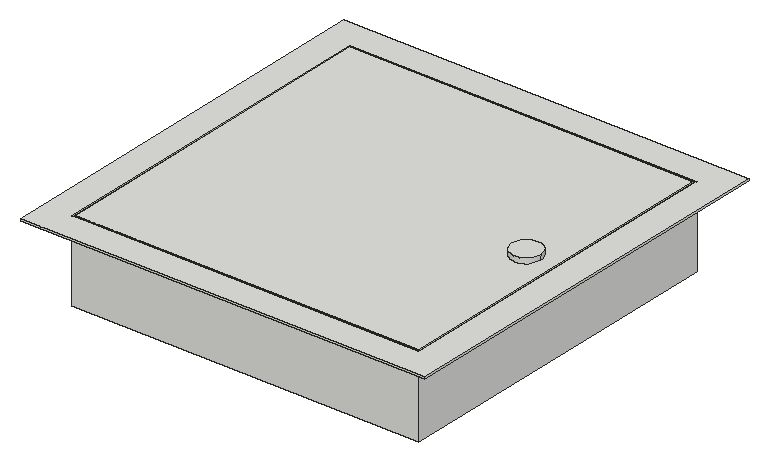
Revit family "Specialty_Door-Acudor-Flush-ACF-2064_Series", category Specialty Equipment, host Face, Revit 2014
Parameters (values of type "ACF-2064 12x12")
  Width = 12"
  URL = "http://acudor.com/"
  Type Comments = ""
  Screwdriver Operated Compression Latch = yes
  Product Page URL = "https://www.acudor.com/products/specialty-access-doors/acf-2064"
  Product Documentation Link = "https://www.acudor.com/images/acudor/accessdoors/specialty/ACF2064/ACF-2064_ps.pdf"
  Model = "ACF-2064 12x12"
  Material = "Steel-Acudor-18 GA-White Baked-On Enamel"  # constant formula
  Manufacturer = "Acudor"  # constant formula
  Length = 2 201/256"  # constant formula
  Installation Type = "Wall Mounted"  # constant formula
  Height = 12"
  Finish = Steel-Acudor-18 GA-White Baked-On Enamel
  Description = "Steel Flush Acoustical Access Door"  # constant formula
  Default Elevation = 48"
  Assembly Code = "C1020700"
  2 Latch = no
  1 Latch = yes
Types (5): name | Width | Model | Height | 2 Latch | 1 Latch
  (no name) | 12" | "ACF-2064 12x12" | 12" | no | yes
  ACF-2064 12x12 | 12" | "ACF-2064 12x12" | 12" | no | yes
  ACF-2064 18x18 | 18" | "ACF-2064 18x18" | 18" | no | yes
  ACF-2064 24x24 | 24" | "ACF-2064 24x24" | 24" | no | yes
  ACF-2064 24x36 | 24" | "ACF-2064 24x36" | 36" | yes | no
Reference planes (in)
  plane 1 "Center (Front/Back)": y = 0
  plane 2: z = 0
  plane 3 "Center (Left/Right)": x = 0
  plane 4: y = 7
  plane 5: y = -7
  plane 6: x = 7
  plane 7: x = -7
  plane 8: y = 6
  plane 9: y = -6
  plane 10: x = 6
  plane 11: x = -6
  plane 12: x = 4.91643
  plane 13: z = -2.72266
  plane 14: z = 0.0625
  plane 15: z = 0.23161
  plane 16: y = 3
  plane 17: y = -3
Forms (in)
  Sweep 1, solid, material "Steel-Acudor-18 GA-White Baked-On Enamel" <- "Finish"
    path origin (0, 0, 0) x (1, 0, 0) y (0, 1, 0)
      loop
        line (-6, 6) -> (-6, -6) -> (6, -6) -> (6, 6) -> (-6, 6)
    profile origin (0, 6, 0) x (0, 1, 0) y (0, 0, 1)
      loop
        line (-1.56104, -2.72266) -> (0, -2.72266) -> (0, 0) -> (1, 0) -> (1, 0.0625) -> (0, 0.0625) -> (0, 0.03108) -> (-0.06104, 0.03108) -> (-0.06104, 0.0625) -> (-1.56104, 0.0625) -> (-1.56104, -2.72266)
  Extrusion 2, solid, material "Steel-Acudor-18 GA-White Baked-On Enamel" <- "Finish"
    sketch origin (0, 0, 0) x (1, 0, 0) y (0, 1, 0)
      loop
        line (-4.43896, 4.43896) -> (-4.43896, -4.43896) -> (4.43896, -4.43896) -> (4.43896, 4.43896) -> (-4.43896, 4.43896)
    from -2.72266 to 0.0625
  Extrusion 3, solid, material "Steel-Acudor-18 GA-White Baked-On Enamel" <- "Finish", visible <- "2 Latch"
    sketch origin (-4.43896, 4.43896, 0.0625) x (1, 0, 0) y (0, 1, 0)
      loop
        circle (9.35539, -1.43896) r 0.5
      loop
        circle (9.35539, -7.43896) r 0.5
    from 0 to 0.16911
  Extrusion 4, solid, material "Steel-Acudor-18 GA-White Baked-On Enamel" <- "Finish", visible <- "1 Latch"
    sketch origin (-4.43896, 4.43896, 0.0625) x (1, 0, 0) y (0, 1, 0)
      loop
        circle (9.35539, -4.43896) r 0.5
    from 0 to 0.16911
Cuts and joins
  joined: Sweep 1, Extrusion 2
Lines and regions (in)
  Masking region 1
    outline origin (0, 0, 0) x (1, 0, 0) y (0, 0, 1)
      loop
        line (6, -2.72266) -> (6, 0) -> (7, 0) -> (7, 0.0625) -> (5.41643, 0.0625) -> (5.41643, 0.23161) -> (4.41643, 0.23161) -> (4.41643, 0.0625) -> (-7, 0.0625) -> (-7, 0) -> (-6, 0) -> (-6, -2.72266) -> (6, -2.72266)
  symbolic lines, detail levels medium+fine
    curve 1: line (5.26875, 0, 0.0625) -> (4.56412, 0, 0.0625)
    curve 2: line (6, 0, 0) -> (-6, 0, 0)
Dimensions and locks (in)
  "Height": plane 8 to plane 9
  equal spacing: plane 11, plane 3 "Center (Left/Right)", plane 10
  "Width": plane 11 to plane 10
  locked: plane 4 to plane 8 at 1
  locked: plane 5 to plane 9 at 1
  locked: plane 7 to plane 11 at 1
  locked: plane 10 to plane 6 at 1
  locked: plane 12 to plane 10 at 1.08357
  locked: plane 14 to level at 0.0625
  "Length": plane 14 to plane 13
  locked: Sweep 1 sketch curve to plane 14 at 0.03142
  locked: plane 8 to Sweep 1 sketch curve at 0.06104
  locked: plane 14 to plane 15 at 0.16911
  equal spacing: plane 8, plane 16, plane 1 "Center (Front/Back)", plane 17, plane 9
  locked: plane 8 to Sweep 1 sketch curve at 1.56104
  equal spacing: Masking region 1 sketch curve, plane 12, Masking region 1 sketch curve
  locked: Masking region 1 sketch curve to Masking region 1 sketch curve at 1
  diameter of Extrusion 3 sketch curve = 1"  (x2)
  diameter of Extrusion 4 sketch curve = 1"
  aligned and locked: plane 2 to host face
  aligned and locked: level to host face
  aligned and locked: Sweep 1 sketch curve to plane 8  (x2)
  aligned and locked: Sweep 1 sketch curve to plane 11
  aligned and locked: Sweep 1 sketch curve to plane 9
  aligned and locked: Sweep 1 sketch curve to plane 10
  aligned and locked: plane 13 to Sweep 1 sketch curve
  aligned and locked: level to Masking region 1 sketch curve
  aligned and locked: Masking region 1 sketch curve to plane 10
  aligned and locked: Masking region 1 sketch curve to plane 13
  aligned and locked: plane 11 to Masking region 1 sketch curve
  aligned and locked: Masking region 1 sketch curve to level
  aligned and locked: Masking region 1 sketch curve to plane 14
  aligned and locked: plane 11 to curve 2
  aligned and locked: plane 10 to curve 2
  aligned and locked: curve 2 to level
  aligned and locked: curve 1 to plane 14
  aligned and locked: Sweep 1 sketch curve to plane 14  (x2)
  aligned and locked: Sweep 1 sketch curve to plane 4
  aligned and locked: plane 2 to Sweep 1 sketch curve
  aligned and locked: plane 8 to Sweep 1 sketch curve
  aligned and locked: plane 7 to Masking region 1 sketch curve
  aligned and locked: Masking region 1 sketch curve to plane 6
  aligned and locked: Extrusion 2 sketch curve to cut or joined group of Sweep 1, Extrusion 2  (x4)
  aligned and locked: cut or joined group of Sweep 1, Extrusion 2 to Extrusion 2  (x2)
  aligned and locked: plane 16 to Extrusion 3 sketch curve
  aligned and locked: plane 17 to Extrusion 3 sketch curve
  aligned and locked: plane 12 to Extrusion 3 sketch curve  (x2)
  aligned and locked: plane 12 to Extrusion 4 sketch curve
  aligned and locked: plane 1 "Center (Front/Back)" to Extrusion 4 sketch curve
  aligned and locked: Masking region 1 sketch curve to Extrusion 3
  aligned and locked: Masking region 1 sketch curve to Masking region 1 sketch curve
Automatic sketch dimensions
  host sketch curve to host sketch curve = 96"  (x2)
  curve 1 to plane 12 = 0.35232"
  plane 12 to curve 1 = 0.35232"
